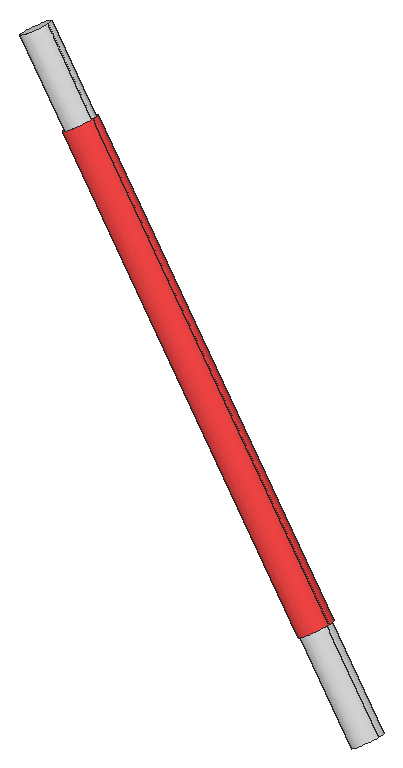
Revit family "051110_AdjustableBraceCB164-224", category Generic Models, Revit 2019
Family settings
  Can host rebar = No
  Round Connector Dimension = Use Diameter
  Part Type = Normal
  Work Plane-Based = No
  Always vertical = Yes
  Cut with Voids When Loaded = No
  Shared = No
  Room Calculation Point = No
Parameters
  Steel 2 = Steel 2
  Steel = Steel
Reference planes
  plane 1 "Center (Front/Back)": y = 0
  plane 2: z = 0
  plane 3 "Center (Left/Right)": x = 0
  plane 4: z = 2111.794
  plane 5: z = 2076.794
  plane 6: z = 35
Forms (mm)
  Extrusion 1, solid, material "Steel" <- "Steel"
    sketch origin (561.806, 0, 162.097) x (0.84407, 0, 0.536234) y (0, 1, 0)
      loop
        circle (0, 0) r 44.5
    from 282.2 to 1562.007
  Extrusion 2, solid, material "Steel 2" <- "Steel 2"
    sketch origin (561.806, 0, 162.097) x (0.84407, 0, 0.536234) y (0, 1, 0)
      loop
        circle (0, 0) r 40
    from 0 to 282.2
  Extrusion 3, solid, material "Steel 2" <- "Steel 2"
    sketch origin (-194.622, 0, 1352.768) x (0.84407, 0, 0.536234) y (0, 1, 0)
      loop
        circle (0, 0) r 40
    from 151.375 to 392.314
Dimensions and locks
  plane 4 to level = 2111.794 mm
  locked: plane 4 to plane 5 at 35
  locked: plane 6 to level at 35
  aligned and locked: level to plane 2
  aligned and locked: Extrusion 1 to Extrusion 2
  aligned and locked: Extrusion 1 to Extrusion 3
